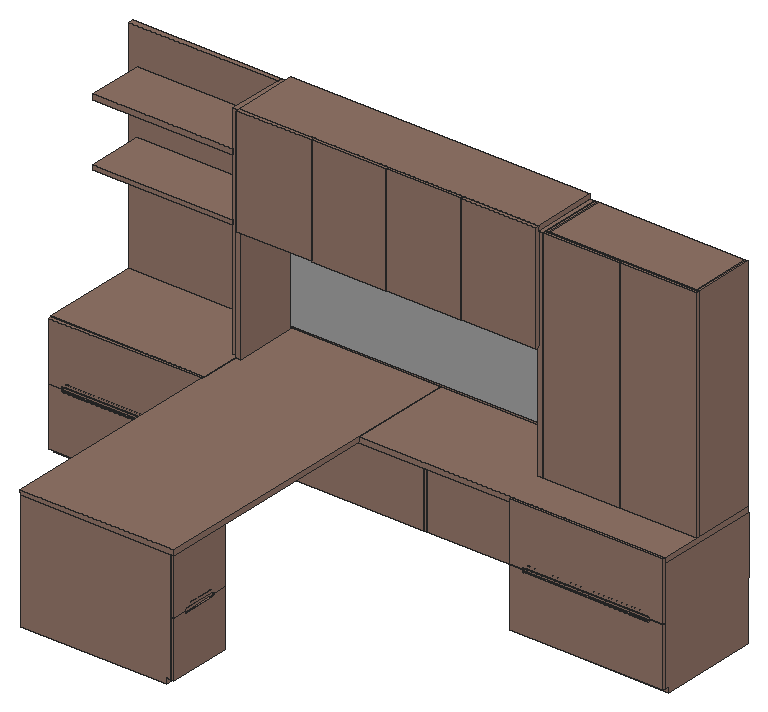
Revit family "OFS TYPICAL T100008", category Furniture, Revit 2022
Family settings
  OmniClass Number = 23.40.20.00
  OmniClass Title = General Furniture and Specialties
  Work Plane-Based = No
  Always vertical = Yes
  Cut with Voids When Loaded = No
  Render Appearance Source = Family Geometry
  Shared = No
  Room Calculation Point = No
Parameters (values of type "T100008")
  URL = "http://ofs.com/"
  Model = "T100008"
  Manufacturer = "OFS"
  Description = "OFS TYPICAL T100008"
  Default Elevation = 0' - 0"
  Copyright © = "©OFS 2024"
  Catalog = ""
  Authoring Version = "Autodesk Revit 2018"
  Assembly Code = "E2020200"
Reference planes (in)
  plane 1 "Center Front/Back": y = 0
  plane 2: z = 0
  plane 3 "Center Left/Right": x = 0
Dimensions and locks (in)
  aligned and locked: level to plane 2
Nested families (in)
  nested 1: "OFS SLATE RETURNS" at (0, 0, 0), type "Lateral File Pedestal Right - 72"W"
    with Top OFS SLATE Dark Wood, Panel OFS SLATE Dark Wood, Glides OFS SLATE Black Plastic, Drawers OFS SLATE Dark Wood, Case OFS SLATE Dark Wood, Base OFS SLATE Dark Wood
  nested 2: "OFS SLATE CREDENZAS" at (-72, 0, 0), type "36"W Lateral File"
    with Top OFS Dark Wood, Panel OFS Dark Wood, Glides OFS Black Plastic, Drawers OFS Dark Wood, Case OFS Dark Wood, Base OFS Dark Wood
  nested 3: "OFS SLATE OPEN SHELF ORGANIZER" at (-36, -0.00165, 0), type "Open Shelf Organizer2 Shelves - Left 1.5 High - 36W x 52H"
    with Shelf OFS SLATE Dark Wood, Panel OFS SLATE Dark Wood, Elevation 2' - 5 1/4"
  nested 4: "OFS SLATE WORKSURFACE STORAGE CABINET" at (36, 3, 0), type "Worksurface Storage Cabinet 51.5H - Double Doors - 36W x 15D"
    with Top OFS SLATE Dark Wood, Panel OFS SLATE Dark Wood, Elevation 2' - 5 1/4", Door OFS SLATE Dark Wood, Case OFS SLATE Dark Wood, Base OFS SLATE Dark Wood, Back OFS SLATE Dark Wood
  nested 5: "OFS SLATE TACKBOARDS" at (-36, 0, 0), type "Tackboard 72W x 25D"
    with Elevation 2' - 6 1/2", Board OFS SLATE White Fabric
  nested 6: "OFS SLATE PENINSULA WORKTABLE WITH PEDESTAL" at (-35.99957, 0, 0) x (0, 1, 0) z (0, 0, 1), type "Peninsula Work Table Pedestal Left - 78"W x 36"D"
    with Panel OFS Dark Wood, Glides OFS Black Plastic, Drawers OFS Dark Wood, Doors OFS Dark Wood, Case OFS Dark Wood
  nested 7: "OFS SLATE OVERLAY HIGHBACK ORGANIZER" at (-36, 0, 0), type "Overlay Highback Organizer 4 Doors 72W x 52H - 1.5 High"
    with Top OFS BRANDS Dark Wood, Show Doors yes, Panel OFS BRANDS Dark Wood, Elevation 2' - 5 1/4", Doors OFS BRANDS Dark Wood, Center Doors no, Base Panel OFS BRANDS Dark Wood, Base OFS BRANDS Dark Wood, Back OFS BRANDS Dark Wood
Definition of nested family "OFS SLATE RETURNS"
  Parameters (values of type "Single Pedestal Right - 72"W")
    Width = 6' - 0"
    URL = "http://www.ofsbrands.com/"
    Type = 1
    Top [instance] = none
    Right = yes
    Panel [instance] = none
    Model = "CA-2472RPR-2"
    Manufacturer = "CAROLINA"
    Left = no
    Glides [instance] = none
    Drawers [instance] = none
    Description = "OFS SLATE Return Single 18\" Pedestal Right, 72W x 24D x 29,25H, Slate Private Office"
    Default Elevation = 0' - 0"
    Copyright © = "© 2019 OFS"
    Catalog = "https://ofs.com/products/tables/conference/slate"
    Case [instance] = none
    Base [instance] = none
    Authoring Version = "Autodesk Revit Architecture 2014"
    Assembly Code = "E2020200"
  Types (26): name | Width | Type | Right | Model | Left | Description
    Lateral File and Pedestal Left - 78"W | 6' - 6" | 3 | no | "CA-2478RPRLP-2" | yes | "OFS SLATE Return 30\" Lateral File and 18\" Pedestal Left, 78W x 24D x 29,25H, Slate Private Office"
    Lateral File and Pedestal Left - 72"W | 6' - 0" | 3 | no | "CA-2472RPRLP-2" | yes | "OFS SLATE Return 30\" Lateral File and 18\" Pedestal Left, 72W x 24D x 29,25H, Slate Private Office"
    Lateral File and Pedestal Right - 78"W | 6' - 6" | 3 | yes | "CA-2478RPRLP-2" | no | "OFS SLATE Return 30\" Lateral File and 18\" Pedestal Right, 78W x 24D x 29,25H, Slate Private Office"
    Lateral File and Pedestal Right - 72"W | 6' - 0" | 3 | yes | "CA-2472RPRLP-2" | no | "OFS SLATE Return 30\" Lateral File and 18\" Pedestal Right, 72W x 24D x 29,25H, Slate Private Office"
    Lateral File Pedestal Left - 78"W | 6' - 6" | 2 | no | "CA-2478LPRL-2" | yes | "OFS SLATE Return Lateral File Pedestal Left, 78W x 24D x 29,25H, Slate Private Office"
    Lateral File Pedestal Left - 72"W | 6' - 0" | 2 | no | "CA-2472LPRL-2" | yes | "OFS SLATE Return Lateral File Pedestal Left, 72W x 24D x 29,25H, Slate Private Office"
    Lateral File Pedestal Left - 66"W | 5' - 6" | 2 | no | "CA-2466LPRL-2" | yes | "OFS SLATE Return Lateral File Pedestal Left, 66W x 24D x 29,25H, Slate Private Office"
    Lateral File Pedestal Left - 60"W | 5' - 0" | 2 | no | "CA-2460LPRL-2" | yes | "OFS SLATE Return Lateral File Pedestal Left, 60W x 24D x 29,25H, Slate Private Office"
    Lateral File Pedestal Left - 54"W | 4' - 6" | 2 | no | "CA-2454LPRL-2" | yes | "OFS SLATE Return Lateral File Pedestal Left, 54W x 24D x 29,25H, Slate Private Office"
    Lateral File Pedestal Right - 78"W | 6' - 6" | 2 | yes | "CA-2478RPRL-2" | no | "OFS SLATE Return Lateral File Pedestal Right, 78W x 24D x 29,25H, Slate Private Office"
    Lateral File Pedestal Right - 72"W | 6' - 0" | 2 | yes | "CA-2472RPRL-2" | no | "OFS SLATE Return Lateral File Pedestal Right, 72W x 24D x 29,25H, Slate Private Office"
    Lateral File Pedestal Right - 66"W | 5' - 6" | 2 | yes | "CA-2466RPRL-2" | no | "OFS SLATE Return Lateral File Pedestal Right, 66W x 24D x 29,25H, Slate Private Office"
    Lateral File Pedestal Right - 60"W | 5' - 0" | 2 | yes | "CA-2460RPRL-2" | no | "OFS SLATE Return Lateral File Pedestal Right, 60W x 24D x 29,25H, Slate Private Office"
    Lateral File Pedestal Right - 54"W | 4' - 6" | 2 | yes | "CA-2454RPRL-2" | no | "OFS SLATE Return Lateral File Pedestal Right, 54W x 24D x 29,25H, Slate Private Office"
    Single Pedestal Left - 72"W | 6' - 0" | 1 | no | "CA-2472LPR-2" | yes | "OFS SLATE Return Single 18\" Pedestal Left, 72W x 24D x 29,25H, Slate Private Office"
    Single Pedestal Left - 66"W | 5' - 6" | 1 | no | "CA-2466LPR-2" | yes | "OFS SLATE Return Single 18\" Pedestal Left, 66W x 24D x 29,25H, Slate Private Office"
    Single Pedestal Left - 60"W | 5' - 0" | 1 | no | "CA-2460LPR-2" | yes | "OFS SLATE Return Single 18\" Pedestal Left, 60W x 24D x 29,25H, Slate Private Office"
    Single Pedestal Left - 54"W | 4' - 6" | 1 | no | "CA-2454LPR-2" | yes | "OFS SLATE Return Single 18\" Pedestal Left, 54W x 24D x 29,25H, Slate Private Office"
    Single Pedestal Left - 48"W | 4' - 0" | 1 | no | "CA-2448LPR-2" | yes | "OFS SLATE Return Single 18\" Pedestal Left, 48W x 24D x 29,25H, Slate Private Office"
    Single Pedestal Left - 42"W | 3' - 6" | 1 | no | "CA-2442LPR-2" | yes | "OFS SLATE Return Single 18\" Pedestal Left, 42W x 24D x 29,25H, Slate Private Office"
    Single Pedestal Right - 72"W | 6' - 0" | 1 | yes | "CA-2472RPR-2" | no | "OFS SLATE Return Single 18\" Pedestal Right, 72W x 24D x 29,25H, Slate Private Office"
    Single Pedestal Right - 66"W | 5' - 6" | 1 | yes | "CA-2466RPR-2" | no | "OFS SLATE Return Single 18\" Pedestal Right, 66W x 24D x 29,25H, Slate Private Office"
    Single Pedestal Right - 60"W | 5' - 0" | 1 | yes | "CA-2460RPR-2" | no | "OFS SLATE Return Single 18\" Pedestal Right, 60W x 24D x 29,25H, Slate Private Office"
    Single Pedestal Right - 54"W | 4' - 6" | 1 | yes | "CA-2454RPR-2" | no | "OFS SLATE Return Single 18\" Pedestal Right, 54W x 24D x 29,25H, Slate Private Office"
    Single Pedestal Right - 48"W | 4' - 0" | 1 | yes | "CA-2448RPR-2" | no | "OFS SLATE Return Single 18\" Pedestal Right, 48W x 24D x 29,25H, Slate Private Office"
    Single Pedestal Right - 42"W | 3' - 6" | 1 | yes | "CA-2442RPR-2" | no | "OFS SLATE Return Single 18\" Pedestal Right, 42W x 24D x 29,25H, Slate Private Office"
  Reference planes (in)
    plane 1 "Center (Front/Back)": y = 0
    plane 2: z = 0
    plane 3 "Center (Left/Right)": x = 0
    plane 4: x = 72
    plane 5: y = -24.83728
    plane 6: x = 36
    plane 7: z = 27.2625
    plane 8: z = 28.0125
    plane 9: z = 29.2
    plane 10: z = 15.48125
    plane 11: z = 15.35625
    plane 12: z = 2.45
    plane 13: z = 1.7
    plane 14: z = 14.45
    plane 15: z = 0.45
    plane 16: y = -11.5625
    plane 17: x = 42
    plane 18: x = -36
    plane 19: x = -72
  Lines and regions (in)
    reference lines, visible <- "Right"
      curve 1: line (42, -24.83728, 29.2) -> (42, 0, 29.2)
    reference lines, visible <- "Left"
      curve 2: line (-72, 0, 29.2) -> (-72, -24.83728, 29.2)
  Dimensions and locks (in)
    "Width": plane 3 "Center (Left/Right)" to plane 4
    equal spacing: plane 3 "Center (Left/Right)", plane 6, plane 4
    "Width": plane 3 "Center (Left/Right)" to plane 19
    equal spacing: plane 3 "Center (Left/Right)", plane 18, plane 19
    aligned and locked: level to plane 2
    aligned and locked: plane 5 to nested 1
    aligned and locked: plane 6 to nested 1
    aligned and locked: nested 4 to plane 18
    aligned and locked: plane 19 to curve 2
    aligned and locked: plane 17 to curve 1
  Automatic sketch dimensions
    plane 1 "Center (Front/Back)" to curve 1 = 0' - 0"
    curve 2 to plane 5 = 0' - 0"
    curve 2 to plane 1 "Center (Front/Back)" = 0' - 0"
    curve 1 to plane 5 = 0' - 0"
  Nested families (in)
    nested 1: "Tag" at (36, -24.83728, 0) x (-1, 0, 0) z (0, 0, 1), visible <- "Right", type "Center", detail levels fine
      with Offset (LR) 0' - 0"
    nested 2: "OFS_Slate Private Office_Return" at (0, 0, 0), visible <- "Right", Top <- "Top", Panel <- "Panel", Glides <- "Glides", Drawers <- "Drawers", Case <- "Case", Base <- "Base", type "OFS_Slate Private Office_Return"
      with Top none, Panel none, Glides none, Drawers none, Case none, Base none, Width 6' - 0", Support yes, Length 5 1' - 2", Length 4 2' - 1.816"
    nested 3: "OFS_Slate Private Office_Return" at (0, 0, 0) x (-1, 0, 0) z (0, 0, 1), visible <- "Left", Top <- "Top", Panel <- "Panel", Glides <- "Glides", Drawers <- "Drawers", Case <- "Case", Base <- "Base", type "OFS_Slate Private Office_Return"
      with Top none, Panel none, Glides none, Drawers none, Case none, Base none, Width 6' - 0", Support yes, Length 5 1' - 2", Length 4 2' - 1.816"
    nested 4: "Tag" at (-36, -24.83728, 0), visible <- "Left", type "Center", detail levels fine
      with Offset (LR) 0' - 0"
  Definition of nested family "OFS_Slate Private Office_Return"
    Parameters
      Width = 3' - 6"
      URL = "http://www.ofsbrands.com/"
      Type = 1
      Top [instance] = none
      Support = (Length 4 > 1' 6")  # no
      Right = no
      Pedestal = or(Type = 1, Type = 3)  # yes
      Panel [instance] = none
      Model = "Type Catalog"
      Manufacturer = "OFS BRANDS"  # constant formula
      Length 5 = if(Length 4 = 1' 6", 0' 0 3/4", 1' 2")  # 0' - 0 3/4"
      Length 4 = if(and(Width = 5' 6", Type = 1), 1' 10.816", if(and(Width = 6' 0", Type = 1), 2' 1.816", 1' 6"))  # 1' - 6"
      Length 3 = if(Type = 1, 1' 6", if(Type = 2, Length 1, Length 1 + 1' 6"))  # 1' - 6"
      Length 2 = 0' - 3.865"  # constant formula
      Length 1 = if(and(Width > 5' 0", Type = 2), 3' 0", if(Type = 1, 1' 6", 2' 6"))  # 1' - 6"
      Left = no
      Glides [instance] = none
      File = or(Type = 2, Type = 3)  # no
      Drawers [instance] = none
      Description = "Type Catalog"
      Default Elevation = 0' - 0"
      Copyright © = "© 2016 OFS BRANDS"  # constant formula
      Catalog = "OFS"  # constant formula
      Case [instance] = none
      Base [instance] = none
      Authoring Version = "Autodesk Revit Architecture 2014"  # constant formula
      Assembly Code = "E2020200"
    Reference planes (in)
      plane 1 "Center (Front/Back)": y = 0
      plane 2: z = 0
      plane 3 "Center (Left/Right)": x = 0
      plane 4: x = 42
      plane 5: y = -24.83728
      plane 6: x = 21
      plane 7: x = 24
      plane 8: x = 23.25
      plane 9: x = 24
      plane 10: x = 0.75
      plane 11: x = 26.25
      plane 12: x = 39.75
      plane 13: x = 41.25
      plane 14: y = -1.37544
      plane 15: y = -3.25
      plane 16: y = -24.08661
      plane 17: y = -23.125
      plane 18: y = -24
      plane 19: y = -22.375
      plane 20: x = 24.75
      plane 21: z = 27.2625
      plane 22: z = 28.0125
      plane 23: z = 29.2
      plane 24: z = 15.48125
      plane 25: z = 15.35625
      plane 26: z = 2.45
      plane 27: z = 1.7
      plane 28: z = 14.45
      plane 29: z = 0.45
      plane 30: y = -11.5625
      plane 31: y = -21.74956
      plane 32: y = -0.75
      plane 33: x = 33
      plane 34: x = 41.875
      plane 35: x = 24
      plane 36: x = 24.75
      plane 37: x = 26.25
      plane 38: x = 41.25
      plane 39: x = 42
      plane 40: x = 39.75
      plane 41: x = 41.875
      plane 42: x = 18
    Forms (in)
      Revolve 1, solid, material <- "Glides"
        sketch origin (0.13, -1.37544, 47.24409) x (-1, 0, 0) y (0, 0, 1)
          loop
            line (-0.245, -46.79409) -> (-0.245, -47.24409) -> (0, -47.24409)
            arc (0, -47.24409) -> (0.1281, -47.13626) -> (0.04368, -46.99165) r 0.13
            line (0.04368, -46.99165) -> (0.005, -46.99165) -> (0.005, -46.79409) -> (-0.245, -46.79409)
          axis (-0.245, -46.79409) -> (-0.245, -47.24409)
        angle from 0 to 360
      Revolve 2, solid, material <- "Glides", visible <- "File"
        sketch origin (49.1459, -1.37544, 47.24409) x (-1, 0, 0) y (0, 0, 1)
          loop
            line (23.755, -46.79409) -> (23.755, -47.24409) -> (24, -47.24409)
            arc (24, -47.24409) -> (24.1281, -47.13626) -> (24.04368, -46.99165) r 0.13
            line (24.04368, -46.99165) -> (24.005, -46.99165) -> (24.005, -46.79409) -> (23.755, -46.79409)
          axis (23.755, -46.79409) -> (23.755, -47.24409)
        angle from 0 to 360
      Revolve 3, solid, material <- "Glides", visible <- "File"
        sketch origin (76.3641, -1.37544, 47.24409) x (-1, 0, 0) y (0, 0, 1)
          loop
            line (35.755, -46.79409) -> (35.755, -47.24409) -> (36, -47.24409)
            arc (36, -47.24409) -> (36.1281, -47.13626) -> (36.04368, -46.99165) r 0.13
            line (36.04368, -46.99165) -> (36.005, -46.99165) -> (36.005, -46.79409) -> (35.755, -46.79409)
          axis (35.755, -46.79409) -> (35.755, -47.24409)
        angle from 0 to 360
      Revolve 4, solid, material <- "Glides", visible <- "File"
        sketch origin (-3.76383, -21.74956, 47.24409) x (-1, 0, 0) y (0, 0, 1)
          loop
            line (-29.15474, -46.79409) -> (-29.15474, -47.24409) -> (-28.90974, -47.24409)
            arc (-28.90974, -47.24409) -> (-28.78164, -47.13626) -> (-28.86606, -46.99165) r 0.13
            line (-28.86606, -46.99165) -> (-28.90474, -46.99165) -> (-28.90474, -46.79409) -> (-29.15474, -46.79409)
          axis (-29.15474, -46.79409) -> (-29.15474, -47.24409)
        angle from 0 to 360
      Revolve 5, solid, material <- "Glides", visible <- "File"
        sketch origin (-3.76383, -21.74956, 47.24409) x (-1, 0, 0) y (0, 0, 1)
          loop
            line (-44.37293, -46.79409) -> (-44.37293, -47.24409) -> (-44.12793, -47.24409)
            arc (-44.12793, -47.24409) -> (-43.99983, -47.13626) -> (-44.08425, -46.99165) r 0.13
            line (-44.08425, -46.99165) -> (-44.12293, -46.99165) -> (-44.12293, -46.79409) -> (-44.37293, -46.79409)
          axis (-44.37293, -46.79409) -> (-44.37293, -47.24409)
        angle from 0 to 360
      Extrusion 6, solid, material <- "Case", visible <- "File"
        sketch origin (-54.33838, -60, 0.45) x (-1, 0, 0) y (0, -1, 0)
          loop
            line (-79.08838, -59.25) -> (-79.08838, -57.75) -> (-80.58838, -57.75) -> (-80.58838, -59.25) -> (-79.08838, -59.25)
          loop
            line (-94.08838, -59.25) -> (-94.08838, -57.75) -> (-95.58838, -57.75) -> (-95.58838, -59.25) -> (-94.08838, -59.25)
          loop
            line (-94.08838, -39.125) -> (-94.08838, -37.625) -> (-95.58838, -37.625) -> (-95.58838, -39.125) -> (-94.08838, -39.125)
          loop
            line (-79.08838, -39.125) -> (-79.08838, -37.625) -> (-80.58838, -37.625) -> (-80.58838, -39.125) -> (-79.08838, -39.125)
        from 0 to 1.25
      Sweep 7, solid, material <- "Case", visible <- "File"
        path origin (-54.33838, -60, 0.45) x (-1, 0, 0) y (0, -1, 0)
          loop
            line (-78.33838, -60) -> (-78.33838, -36.875) -> (-96.33838, -36.875) -> (-96.33838, -60)
        profile origin (33, -23.125, 0.45) x (0, 1, 0) y (0, 0, 1)
          loop
            line (0, 0) -> (0.75, 0) -> (0.75, 1.25) -> (0, 1.25) -> (0, 0)
      Extrusion 8, solid, material <- "Case", visible <- "File"
        sketch origin (-54.33838, -60, 1.7) x (-1, 0, 0) y (0, -1, 0)
          loop
            line (-96.33838, -60) -> (-95.58838, -60) -> (-95.58838, -36) -> (-96.33838, -36) -> (-96.33838, -60)
        from 0 to 26.3125
      Extrusion 9, solid, material <- "Base", visible <- "File"
        sketch origin (-3.76383, -0.75, 47.24409) x (-1, 0, 0) y (0, 0, 1)
          loop
            line (-28.51383, -44.79409) -> (-45.01383, -44.79409) -> (-45.01383, -45.5441) -> (-28.51383, -45.5441) -> (-28.51383, -44.79409)
        from 0 to -23.25
      Extrusion 10, solid, material <- "Case", visible <- "File"
        sketch origin (-54.33838, -60, 1.7) x (-1, 0, 0) y (0, -1, 0)
          loop
            line (-78.33838, -60) -> (-78.33838, -36) -> (-79.08838, -36) -> (-79.08838, -60) -> (-78.33838, -60)
        from 0 to 26.3125
      Extrusion 11, solid, material <- "Top"
        sketch origin (0, 0, 0) x (0, 1, 0) y (0, 0, 1)
          loop
            line (0, 29.2) -> (-24, 29.2) -> (-24, 28.0125) -> (0, 28.0125) -> (0, 29.2)
        from 0 to 42
      Extrusion 12, solid, material <- "Drawers", visible <- "File"
        sketch origin (33, 4.23653, 47.24409) x (0, 1, 0) y (0, 0, 1)
          loop
            line (-28.32314, -18.10659) -> (-29.07381, -18.10659) -> (-29.07381, -31.76284) -> (-28.32314, -31.76284) -> (-28.32314, -18.10659)
          loop
            line (-28.32314, -31.88784) -> (-29.07381, -31.88784) -> (-29.07381, -45.5441) -> (-28.32314, -45.5441) -> (-28.32314, -31.88784)
        from -9 to 8.875
      Sweep 13, void
        path origin (-3.76383, -24.83728, 47.24409) x (-1, 0, 0) y (0, 0, 1)
          loop
            line (-31.32392, -31.01358) -> (-42.07874, -31.01358)
            arc (-42.07874, -31.01358) -> (-42.8905, -31.82534) -> (-42.07874, -32.63711) r 0.81176
            line (-42.07874, -32.63711) -> (-31.32392, -32.63711)
            arc (-31.32392, -32.63711) -> (-30.51216, -31.82534) -> (-31.32392, -31.01358) r 0.81176
        profile origin (32.9375, -24.83728, 16.23051) x (0, 0, -1) y (0, 1, 0)
          loop
            line (0.74926, 0) -> (0.74926, 0.59442) -> (0.24861, 0.59442)
            arc (0.24861, 0.59442) -> (0.00033, 0.39554) -> (0.18537, 0.13679) r 0.23134
            arc (0.18537, 0.13679) -> (0.23076, 0.10978) -> (0.24861, 0.06007) r 0.07815
            line (0.24861, 0.06007) -> (0.24861, 0) -> (0.74926, 0)
      Extrusion 14, solid, material <- "Case", visible <- "File"
        sketch origin (-54.33838, -60, 0.45) x (-1, 0, 0) y (0, -1, 0)
          loop
            line (-79.08838, -60) -> (-79.08838, -59.25) -> (-95.58838, -59.25) -> (-95.58838, -60) -> (-79.08838, -60)
        from 0 to 27.5625
      Extrusion 15, solid, material <- "Panel"
        sketch origin (-3.76383, -3.25, 47.24409) x (-1, 0, 0) y (0, 0, 1)
          loop
            line (-3.88883, -19.9816) -> (-27.63883, -19.9816) -> (-27.63883, -32.6691) -> (-3.88883, -32.6691) -> (-3.88883, -19.9816)
        from 0 to -0.75
      Extrusion 16, solid, material <- "Panel"
        sketch origin (-3.76383, -3.25, 47.24409) x (-1, 0, 0) y (0, 0, 1)
          loop
            line (-3.76383, -32.79409) -> (-27.76383, -32.79409) -> (-27.76383, -46.79409) -> (-3.76383, -46.79409) -> (-3.76383, -32.79409)
        from 0 to -0.75
      Extrusion 17, solid, material <- "Panel"
        sketch origin (-54.33838, -60, 0.45) x (-1, 0, 0) y (0, -1, 0)
          loop
            line (-54.33838, -60) -> (-54.33838, -56.75) -> (-55.08838, -56.75) -> (-55.08838, -60) -> (-54.33838, -60)
          loop
            line (-77.58838, -60) -> (-77.58838, -56.75) -> (-78.33838, -56.75) -> (-78.33838, -60) -> (-77.58838, -60)
        from 0 to 27.5625
      Revolve 18, solid, material <- "Glides", visible <- "Pedestal"
        sketch origin (31.1459, -1.37544, 47.24409) x (-1, 0, 0) y (0, 0, 1)
          loop
            line (5.755, -46.79409) -> (5.755, -47.24409) -> (6, -47.24409)
            arc (6, -47.24409) -> (6.1281, -47.13626) -> (6.04368, -46.99165) r 0.13
            line (6.04368, -46.99165) -> (6.005, -46.99165) -> (6.005, -46.79409) -> (5.755, -46.79409)
          axis (5.755, -46.79409) -> (5.755, -47.24409)
        angle from 0 to 360
      Revolve 19, solid, material <- "Glides", visible <- "Pedestal"
        sketch origin (46.3641, -1.37544, 47.24409) x (-1, 0, 0) y (0, 0, 1)
          loop
            line (5.755, -46.79409) -> (5.755, -47.24409) -> (6, -47.24409)
            arc (6, -47.24409) -> (6.1281, -47.13626) -> (6.04368, -46.99165) r 0.13
            line (6.04368, -46.99165) -> (6.005, -46.99165) -> (6.005, -46.79409) -> (5.755, -46.79409)
          axis (5.755, -46.79409) -> (5.755, -47.24409)
        angle from 0 to 360
      Revolve 20, solid, material <- "Glides", visible <- "Pedestal"
        sketch origin (-3.76383, -21.74956, 47.24409) x (-1, 0, 0) y (0, 0, 1)
          loop
            line (-29.15473, -46.79409) -> (-29.15473, -47.24409) -> (-28.90973, -47.24409)
            arc (-28.90973, -47.24409) -> (-28.78164, -47.13626) -> (-28.86606, -46.99165) r 0.13
            line (-28.86606, -46.99165) -> (-28.90473, -46.99165) -> (-28.90473, -46.79409) -> (-29.15473, -46.79409)
          axis (-29.15473, -46.79409) -> (-29.15473, -47.24409)
        angle from 0 to 360
      Revolve 21, solid, material <- "Glides", visible <- "Pedestal"
        sketch origin (-3.76383, -21.74956, 47.24409) x (-1, 0, 0) y (0, 0, 1)
          loop
            line (-44.37293, -46.79409) -> (-44.37293, -47.24409) -> (-44.12793, -47.24409)
            arc (-44.12793, -47.24409) -> (-43.99984, -47.13626) -> (-44.08426, -46.99165) r 0.13
            line (-44.08426, -46.99165) -> (-44.12293, -46.99165) -> (-44.12293, -46.79409) -> (-44.37293, -46.79409)
          axis (-44.37293, -46.79409) -> (-44.37293, -47.24409)
        angle from 0 to 360
      Extrusion 22, solid, material <- "Case", visible <- "Pedestal"
        sketch origin (-54.33838, -60, 0.45) x (-1, 0, 0) y (0, -1, 0)
          loop
            line (-79.08838, -59.25) -> (-95.58838, -59.25) -> (-95.58838, -60) -> (-79.08838, -60) -> (-79.08838, -59.25)
        from 0 to 27.5625
      Extrusion 23, solid, material <- "Case", visible <- "Pedestal"
        sketch origin (-54.33838, -60, 1.7) x (-1, 0, 0) y (0, -1, 0)
          loop
            line (-78.33838, -60) -> (-78.33838, -36) -> (-79.08838, -36) -> (-79.08838, -60) -> (-78.33838, -60)
          loop
            line (-95.58838, -60) -> (-95.58838, -36) -> (-96.33838, -36) -> (-96.33838, -60) -> (-95.58838, -60)
        from 0 to 26.3125
      Sweep 24, solid, material <- "Case", visible <- "Pedestal"
        path origin (-54.33838, -60, 0.45) x (-1, 0, 0) y (0, -1, 0)
          loop
            line (-78.33838, -60) -> (-78.33838, -36.875) -> (-96.33838, -36.875) -> (-96.33838, -60)
        profile origin (33, -23.125, 0.45) x (0, 1, 0) y (0, 0, 1)
          loop
            line (0, 0) -> (0.75, 0) -> (0.75, 1.25) -> (0, 1.25) -> (0, 0)
      Extrusion 25, solid, material <- "Case", visible <- "Pedestal"
        sketch origin (-54.33838, -60, 0.45) x (-1, 0, 0) y (0, -1, 0)
          loop
            line (-80.58838, -57.75) -> (-80.58838, -59.25) -> (-79.08838, -59.25) -> (-79.08838, -57.75) -> (-80.58838, -57.75)
          loop
            line (-94.08838, -59.25) -> (-94.08838, -57.75) -> (-95.58838, -57.75) -> (-95.58838, -59.25) -> (-94.08838, -59.25)
          loop
            line (-94.08838, -39.125) -> (-94.08838, -37.625) -> (-95.58838, -37.625) -> (-95.58838, -39.125) -> (-94.08838, -39.125)
          loop
            line (-79.08838, -39.125) -> (-79.08838, -37.625) -> (-80.58838, -37.625) -> (-80.58838, -39.125) -> (-79.08838, -39.125)
        from 0 to 1.25
      Extrusion 26, solid, material <- "Base", visible <- "Pedestal"
        sketch origin (-3.76383, -0.75, 47.24409) x (-1, 0, 0) y (0, 0, 1)
          loop
            line (-28.51383, -44.79409) -> (-45.01383, -44.79409) -> (-45.01383, -45.5441) -> (-28.51383, -45.5441) -> (-28.51383, -44.79409)
        from 0 to -23.25
      Extrusion 27, solid, material <- "Drawers", visible <- "Pedestal"
        sketch origin (24, 4.23653, 47.24409) x (0, 1, 0) y (0, 0, 1)
          loop
            line (-28.32314, -18.10659) -> (-29.07381, -18.10659) -> (-29.07381, -31.76284) -> (-28.32314, -31.76284) -> (-28.32314, -18.10659)
          loop
            line (-28.32314, -31.88784) -> (-29.07381, -31.88784) -> (-29.07381, -45.5441) -> (-28.32314, -45.5441) -> (-28.32314, -31.88784)
        from 0 to 17.875
      Sweep 28, void
        path origin (-3.76383, -24.83728, 47.24409) x (-1, 0, 0) y (0, 0, 1)
          loop
            line (-31.14402, -31.01358) -> (-41.89883, -31.01358)
            arc (-41.89883, -31.01358) -> (-42.7106, -31.82534) -> (-41.89883, -32.63711) r 0.81176
            line (-41.89883, -32.63711) -> (-31.14402, -32.63711)
            arc (-31.14402, -32.63711) -> (-30.33225, -31.82534) -> (-31.14402, -31.01358) r 0.81176
        profile origin (32.75759, -24.83728, 16.23051) x (0, 0, -1) y (0, 1, 0)
          loop
            line (0.74926, 0) -> (0.74926, 0.59514) -> (0.23649, 0.59514)
            arc (0.23649, 0.59514) -> (0.0023, 0.38454) -> (0.18695, 0.12939) r 0.23551
            arc (0.18695, 0.12939) -> (0.23127, 0.10212) -> (0.24861, 0.05306) r 0.07808
            line (0.24861, 0.05306) -> (0.24861, 0) -> (0.74926, 0)
      Extrusion 29, solid, material <- "Panel", visible <- "Support"
        sketch origin (-54.33838, -60, 0.45) x (-1, 0, 0) y (0, -1, 0)
          loop
            line (-71.96338, -60) -> (-71.96338, -56.75) -> (-72.71338, -56.75) -> (-72.71338, -60) -> (-71.96338, -60)
        from 0 to 27.5625
      Extrusion 30, void
        sketch origin (-54.33838, -60, 27.2625) x (0, -1, 0) y (-1, 0, 0)
          loop
            line (-56.75, -72.21338) -> (-56.75, -72.46338) -> (-56, -72.46338) -> (-56, -72.21338) -> (-56.75, -72.21338)
        from -1.9375 to 0
    Cuts and joins
      Sweep 13 cuts Extrusion 12
      joined: Sweep 7, Extrusion 8, Extrusion 10
      Sweep 28 cuts Extrusion 27
      joined: Extrusion 23, Sweep 24
      Extrusion 30 cuts Extrusion 15
      Extrusion 30 cuts Extrusion 29
    Lines and regions (in)
      Masking region 1
        outline origin (-54.33838, -60, 29.2) x (-1, 0, 0) y (0, -1, 0)
          loop
            line (-54.33838, -60) -> (-54.33838, -36) -> (-96.33838, -36) -> (-96.33838, -60) -> (-54.33838, -60)
          loop
            line (-78.33838, -35.91339) -> (-78.33838, -35.16272) -> (-96.21338, -35.16272) -> (-96.21338, -35.91339) -> (-78.33838, -35.91339)
    Dimensions and locks (in)
      "Width": plane 3 "Center (Left/Right)" to plane 4
      equal spacing: plane 3 "Center (Left/Right)", plane 6, plane 4
      locked: plane 3 "Center (Left/Right)" to plane 10 at 0.75
      locked: plane 8 to plane 9 at 0.75
      plane 12 to plane 13 to plane 34 to plane 4 = 0' - 1 1/2" locked, 0' - 0 5/8" locked, 0' - 0 1/8" locked
      plane 7 to plane 20 to plane 11 = 0' - 0 3/4" locked, 0' - 1 1/2" locked
      "Length 1": plane 7 to plane 4
      plane 4 to Revolve 3 sketch curve to Revolve 3 sketch curve = 0' - 1.3909" locked, 0' - 0" locked
      Revolve 2 sketch curve to Revolve 2 sketch curve to plane 7 = 0' - 0" locked, 0' - 1.3909" locked
      plane 4 to Revolve 5 sketch curve to Revolve 5 sketch curve = 0' - 1.3909" locked, 0' - 0" locked
      Revolve 4 sketch curve to Revolve 4 sketch curve to plane 7 = 0' - 0" locked, 0' - 1.3909" locked
      equal spacing: plane 7, plane 33, plane 4
      locked: Sweep 13 sketch curve to plane 7 at 3.56009
      locked: plane 4 to Sweep 13 sketch curve at 3.68509
      locked: Extrusion 15 sketch curve to plane 3 "Center (Left/Right)" at 0.125
      locked: plane 9 to Extrusion 15 sketch curve at 0.125
      plane 35 to plane 36 to plane 37 = 0' - 0 3/4" locked, 0' - 1 1/2" locked
      plane 40 to plane 38 to plane 41 to plane 39 = 0' - 1 1/2" locked, 0' - 0 5/8" locked, 0' - 0 1/8" locked
      plane 39 to Revolve 19 sketch curve to Revolve 19 sketch curve = 0' - 1.3909" locked, 0' - 0" locked
      Revolve 18 sketch curve to Revolve 18 sketch curve to plane 35 = 0' - 0" locked, 0' - 1.3909" locked
      plane 39 to Revolve 21 sketch curve to Revolve 21 sketch curve = 0' - 1.3909" locked, 0' - 0" locked
      plane 35 to Revolve 20 sketch curve to Revolve 20 sketch curve = 0' - 1.3909" locked, 0' - 0" locked
      locked: Sweep 28 sketch curve to Sweep 28 sketch curve at 10.75481
      "Length 2": plane 39 to Sweep 28 sketch curve
      locked: plane 35 to plane 39 at 18
      "Length 3": plane 35 to plane 4
      "Length 4": plane 3 "Center (Left/Right)" to plane 42
      Extrusion 29 sketch curve to plane 42 to Extrusion 29 sketch curve = 0' - 0 3/8" locked, 0' - 0 3/8" locked
      Extrusion 30 sketch curve to plane 42 to Extrusion 30 sketch curve = 0' - 0 1/8" locked, 0' - 0 1/8" locked
      "Length 5": plane 22 to cut or joined group of Extrusion 15, Extrusion 30
      aligned and locked: level to plane 2
      aligned and locked: plane 20 to Extrusion 6 sketch curve  (x2)
      aligned and locked: Extrusion 6 sketch curve to plane 11  (x2)
      aligned and locked: Extrusion 6 sketch curve to plane 12  (x2)
      aligned and locked: Extrusion 6 sketch curve to plane 13  (x2)
      aligned and locked: plane 19 to Extrusion 6 sketch curve  (x2)
      aligned and locked: plane 27 to Extrusion 6
      aligned and locked: plane 1 "Center (Front/Back)" to Sweep 7 sketch curve  (x2)
      aligned and locked: Sweep 7 sketch curve to plane 7
      aligned and locked: plane 4 to Sweep 7 sketch curve
      aligned and locked: Extrusion 8 sketch curve to Sweep 7  (x2)
      aligned and locked: plane 18 to Extrusion 8 sketch curve
      aligned and locked: Extrusion 8 sketch curve to plane 13
      aligned and locked: Extrusion 8 to plane 22
      aligned and locked: Extrusion 9 sketch curve to plane 26
      aligned and locked: Extrusion 9 sketch curve to Extrusion 6
      aligned and locked: Extrusion 9 sketch curve to Extrusion 8
      aligned and locked: plane 20 to Extrusion 9 sketch curve
      aligned and locked: plane 18 to Extrusion 9
      aligned and locked: Extrusion 10 sketch curve to Sweep 7  (x2)
      aligned and locked: Extrusion 9 to Extrusion 10 sketch curve
      aligned and locked: Extrusion 10 sketch curve to Extrusion 9
      aligned and locked: Extrusion 10 to plane 22
      aligned and locked: plane 23 to Extrusion 11 sketch curve
      aligned and locked: Extrusion 11 sketch curve to plane 1 "Center (Front/Back)"
      aligned and locked: Extrusion 11 sketch curve to Extrusion 8  (x2)
      aligned and locked: plane 4 to Extrusion 11
      aligned and locked: Extrusion 12 sketch curve to plane 16  (x2)
      aligned and locked: plane 24 to Extrusion 12 sketch curve
      aligned and locked: Extrusion 12 sketch curve to plane 5  (x2)
      aligned and locked: plane 25 to Extrusion 12 sketch curve
      aligned and locked: Extrusion 12 sketch curve to plane 27
      aligned and locked: Extrusion 12 to plane 34
      aligned and locked: Extrusion 12 to plane 7
      aligned and locked: plane 1 "Center (Front/Back)" to Extrusion 14 sketch curve
      aligned and locked: plane 32 to Extrusion 14 sketch curve
      aligned and locked: plane 20 to Extrusion 14 sketch curve
      aligned and locked: Extrusion 14 sketch curve to plane 13
      aligned and locked: Extrusion 14 to plane 22
      aligned and locked: Extrusion 15 sketch curve to plane 21
      aligned and locked: plane 29 to Extrusion 16 sketch curve
      aligned and locked: plane 28 to Extrusion 16 sketch curve
      aligned and locked: Extrusion 16 sketch curve to plane 9
      aligned and locked: plane 3 "Center (Left/Right)" to Extrusion 16 sketch curve
      aligned and locked: Extrusion 17 sketch curve to Extrusion 11  (x3)
      aligned and locked: plane 15 to Extrusion 17 sketch curve
      aligned and locked: plane 10 to Extrusion 17 sketch curve
      aligned and locked: Extrusion 17 sketch curve to plane 8
      aligned and locked: Extrusion 17 sketch curve to Extrusion 16  (x2)
      aligned and locked: Extrusion 17 to plane 22
      aligned and locked: Extrusion 22 sketch curve to plane 32
      aligned and locked: plane 36 to Extrusion 22 sketch curve
      aligned and locked: Extrusion 11 to Extrusion 22 sketch curve
      aligned and locked: Extrusion 22 sketch curve to plane 38
      aligned and locked: Extrusion 22 to plane 22
      aligned and locked: Extrusion 17 to Extrusion 23 sketch curve
      aligned and locked: Extrusion 23 sketch curve to Extrusion 11  (x2)
      aligned and locked: plane 36 to Extrusion 23 sketch curve
      aligned and locked: Extrusion 23 sketch curve to Extrusion 22  (x2)
      aligned and locked: Extrusion 23 sketch curve to plane 39
      aligned and locked: Extrusion 23 to plane 22
      aligned and locked: plane 1 "Center (Front/Back)" to Sweep 24 sketch curve  (x2)
      aligned and locked: Sweep 24 sketch curve to plane 35
      aligned and locked: plane 39 to Sweep 24 sketch curve
      aligned and locked: Extrusion 25 sketch curve to Extrusion 22  (x2)
      aligned and locked: Extrusion 25 sketch curve to plane 32
      aligned and locked: plane 40 to Extrusion 25 sketch curve  (x2)
      aligned and locked: plane 38 to Extrusion 25 sketch curve
      aligned and locked: Extrusion 25 sketch curve to Sweep 24
      aligned and locked: Sweep 24 to Extrusion 25 sketch curve
      aligned and locked: Extrusion 25 sketch curve to plane 36
      aligned and locked: plane 19 to Extrusion 25 sketch curve
      aligned and locked: Extrusion 25 sketch curve to plane 37
      aligned and locked: plane 27 to Extrusion 25
      aligned and locked: plane 26 to Extrusion 26 sketch curve
      aligned and locked: Extrusion 26 sketch curve to plane 36
      aligned and locked: Extrusion 26 sketch curve to Extrusion 25
      aligned and locked: Extrusion 23 to Extrusion 26 sketch curve
      aligned and locked: plane 18 to Extrusion 26
      aligned and locked: Extrusion 27 sketch curve to cut or joined group of Extrusion 12, Sweep 13  (x7)
      aligned and locked: Extrusion 27 to plane 41
      aligned and locked: plane 35 to Extrusion 23 sketch curve
      aligned and locked: plane 9 to plane 35
      aligned and locked: Extrusion 29 sketch curve to Extrusion 11
      aligned and locked: plane 15 to Extrusion 29 sketch curve
      aligned and locked: Extrusion 29 to plane 22
      aligned and locked: plane 15 to Extrusion 30 sketch curve
      aligned and locked: plane 23 to cut or joined group of Extrusion 15, Extrusion 30
      aligned and locked: Masking region 1 sketch curve to Extrusion 11  (x4)
      aligned and locked: Masking region 1 sketch curve to cut or joined group of Extrusion 27, Sweep 28  (x2)
      aligned and locked: Masking region 1 sketch curve to cut or joined group of Extrusion 12, Sweep 13  (x2)
    Automatic sketch dimensions
      Revolve 1 sketch curve to plane 29 = 0' - 0"
      Revolve 1 sketch curve to level = 0' - 0"  (x2)
      plane 3 "Center (Left/Right)" to Revolve 1 sketch curve = 0' - 0 3/8"
      plane 3 "Center (Left/Right)" to Revolve 1 sketch curve = 0' - 0.13"
      Revolve 1 sketch curve to Revolve 1 sketch curve = 0' - 0.005"
      Revolve 1 sketch curve to Revolve 1 sketch curve = 0' - 0.03868"
      level to Revolve 1 sketch curve = 0' - 0.13"
      Revolve 1 sketch curve to Revolve 1 sketch curve = 0' - 0"
      Revolve 1 sketch curve to level = 0' - 0.20372"
      Revolve 2 sketch curve to level = 0' - 0"  (x2)
      Revolve 2 sketch curve to plane 29 = 0' - 0"
      Revolve 2 sketch curve to Revolve 2 sketch curve = 0' - 0.245"
      Revolve 2 sketch curve to Revolve 2 sketch curve = 0' - 0.005"
      Revolve 2 sketch curve to Revolve 2 sketch curve = 0' - 0.03868"
      level to Revolve 2 sketch curve = 0' - 0.13"
      Revolve 2 sketch curve to level = 0' - 0.20372"
      Revolve 3 sketch curve to level = 0' - 0"  (x2)
      Revolve 3 sketch curve to plane 29 = 0' - 0"
      Revolve 3 sketch curve to Revolve 3 sketch curve = 0' - 0.245"
      Revolve 3 sketch curve to Revolve 3 sketch curve = 0' - 0.005"
      Revolve 3 sketch curve to Revolve 3 sketch curve = 0' - 0.03868"
      level to Revolve 3 sketch curve = 0' - 0.13"
      Revolve 3 sketch curve to Revolve 3 sketch curve = 0' - 0.20372"
      Revolve 4 sketch curve to level = 0' - 0"  (x2)
      Revolve 4 sketch curve to plane 29 = 0' - 0"
      Revolve 4 sketch curve to Revolve 4 sketch curve = 0' - 0.245"
      Revolve 4 sketch curve to Revolve 4 sketch curve = 0' - 0.005"
      Revolve 4 sketch curve to Revolve 4 sketch curve = 0' - 0.03868"
      level to Revolve 4 sketch curve = 0' - 0.13"
      Revolve 4 sketch curve to level = 0' - 0.20372"
      Revolve 5 sketch curve to level = 0' - 0"  (x2)
      Revolve 5 sketch curve to plane 29 = 0' - 0"
      Revolve 5 sketch curve to Revolve 5 sketch curve = 0' - 0.245"
      Revolve 5 sketch curve to Revolve 5 sketch curve = 0' - 0.005"
      Revolve 5 sketch curve to Revolve 5 sketch curve = 0' - 0.03868"
      level to Revolve 5 sketch curve = 0' - 0.13"
      Revolve 5 sketch curve to level = 0' - 0.20372"
      Extrusion 6 sketch curve to plane 14 = 0' - 0.87456"  (x2)
      plane 31 to Extrusion 6 sketch curve = 0' - 0.87456"  (x2)
      Sweep 7 sketch curve to plane 17 = 0' - 0"
      Sweep 7 sketch curve to profile plane = 0' - 0"
      Sweep 7 sketch curve to plane 29 = 0' - 0"
      Sweep 7 sketch curve to profile plane = 0' - 0 3/4"
      plane 29 to Sweep 7 sketch curve = 0' - 1 1/4"
      Extrusion 12 sketch curve to plane 23 = 0' - 0 1/16"
      Sweep 13 sketch curve to plane 28 = 0' - 0.15699"
      plane 24 to Sweep 13 sketch curve = 0' - 0 1/16"
      Sweep 13 sketch curve to plane 5 = 0' - 0"
      plane 5 to Sweep 13 sketch curve = 0' - 0.06007"
      Sweep 13 sketch curve to profile plane = 0' - 0.17046"
      Sweep 13 sketch curve to profile plane = 0' - 0.22948"
      Sweep 13 sketch curve to Sweep 13 sketch curve = 0' - 0.01912"
      Sweep 13 sketch curve to Sweep 13 sketch curve = 0' - 0.07815"
      Sweep 13 sketch curve to Sweep 13 sketch curve = 0' - 0.50066"
      Sweep 13 sketch curve to Sweep 13 sketch curve = 0' - 0.3038"
      Sweep 13 sketch curve to Sweep 13 sketch curve = 0' - 0.23054"
      Extrusion 15 sketch curve to plane 28 = 0' - 0 1/8"
      Revolve 18 sketch curve to level = 0' - 0"  (x2)
      Revolve 18 sketch curve to plane 29 = 0' - 0"
      Revolve 18 sketch curve to Revolve 18 sketch curve = 0' - 0.245"
      Revolve 18 sketch curve to Revolve 18 sketch curve = 0' - 0.005"
      Revolve 18 sketch curve to Revolve 18 sketch curve = 0' - 0.03868"
      level to Revolve 18 sketch curve = 0' - 0.13"
      Revolve 18 sketch curve to level = 0' - 0.20372"
      Revolve 19 sketch curve to level = 0' - 0"  (x2)
      Revolve 19 sketch curve to plane 29 = 0' - 0"
      Revolve 19 sketch curve to Revolve 19 sketch curve = 0' - 0.245"
      Revolve 19 sketch curve to Revolve 19 sketch curve = 0' - 0.005"
      Revolve 19 sketch curve to Revolve 19 sketch curve = 0' - 0.03868"
      level to Revolve 19 sketch curve = 0' - 0.13"
      Revolve 19 sketch curve to level = 0' - 0.20372"
      Revolve 20 sketch curve to plane 29 = 0' - 0"
      Revolve 20 sketch curve to level = 0' - 0"  (x2)
      Revolve 20 sketch curve to Revolve 20 sketch curve = 0' - 0.245"
      Revolve 20 sketch curve to Revolve 20 sketch curve = 0' - 0.005"
      Revolve 20 sketch curve to Revolve 20 sketch curve = 0' - 0.03868"
      level to Revolve 20 sketch curve = 0' - 0.13"
      Revolve 20 sketch curve to level = 0' - 0.20372"
      Revolve 21 sketch curve to plane 29 = 0' - 0"
      Revolve 21 sketch curve to level = 0' - 0"  (x2)
      Revolve 21 sketch curve to Revolve 21 sketch curve = 0' - 0.245"
      Revolve 21 sketch curve to Revolve 21 sketch curve = 0' - 0.005"
      Revolve 21 sketch curve to Revolve 21 sketch curve = 0' - 0.03868"
      level to Revolve 21 sketch curve = 0' - 0.13"
      Revolve 21 sketch curve to level = 0' - 0.20372"
      Sweep 24 sketch curve to plane 17 = 0' - 0"
      Sweep 24 sketch curve to profile plane = 0' - 0"
      Sweep 24 sketch curve to plane 29 = 0' - 0"
      Sweep 24 sketch curve to profile plane = 0' - 0 3/4"
      plane 29 to Sweep 24 sketch curve = 0' - 1 1/4"
      Extrusion 25 sketch curve to plane 37 = 0' - 0"
      Extrusion 25 sketch curve to plane 14 = 0' - 0.87456"  (x2)
      plane 31 to Extrusion 25 sketch curve = 0' - 0.87456"  (x2)
      Extrusion 27 sketch curve to plane 23 = 0' - 0 1/16"
      Sweep 28 sketch curve to plane 5 = 0' - 0"
      plane 5 to Sweep 28 sketch curve = 0' - 0.05306"
      Sweep 28 sketch curve to profile plane = 0' - 0.17053"
      Sweep 28 sketch curve to profile plane = 0' - 0.23649"
      Sweep 28 sketch curve to Sweep 28 sketch curve = 0' - 0.07808"
      Sweep 28 sketch curve to Sweep 28 sketch curve = 0' - 0.51277"
      Sweep 28 sketch curve to Sweep 28 sketch curve = 0' - 0.30658"
      Sweep 28 sketch curve to Sweep 28 sketch curve = 0' - 0.23551"
      Extrusion 6 sketch curve to plane 32 = 0' - 0"  (x2)
      Extrusion 30 sketch curve to Extrusion 30 sketch curve = 0' - 0 3/4"
      Sweep 28 sketch curve to plane 28 = 0' - 0.15699"
      plane 24 to Sweep 28 sketch curve = 0' - 0 1/16"
  Definition of nested family "Tag"
    Parameters
      P_Width = 0' - 0"
      Text_Width = "Empty"
      Text_Height = "Empty"
      Text_Diameter = "Empty"
      Text_Depth = "Empty"
      Offset (LR) [instance] = 0' - 0"
      Model Name = "Type Catalog"
      P_Height = 0' - 0"
      Distance of Center (not Change) = 0' - 0.1"
      P_Diameter = 0' - 0"
      P_Depth = 0' - 0"
    Reference planes (in)
      plane 1: y = 0
      plane 2: x = 0
    Lines and regions (in)
      reference lines
        curve 1: line (-0.44359, 0.1, 0) -> (0.41085, 0.1, 0)
        curve 3: line (0, 0.42564, 0) -> (0, -0.30221, 0)
      reference lines, not visible
        curve 2: line (-0.44359, 0.09843, 0) -> (0.41085, 0.09843, 0)
        curve 4: line (0, 0.42407, 0) -> (0, -0.30379, 0)
    Text (in)
      label "Empty" at (0.00197, 0.0921, 0), shows "Model Name"
      label "Empty" at (0.00197, 0.09052, 0), shows "Model Name", not visible
    Dimensions and locks (in)
      "Distance of Center (not Change)": plane 1 to curve 1
      "Offset (LR)": curve 3 to plane 2
    Automatic sketch dimensions
      curve 1 to curve 3 = 0' - 0.44359"
      curve 3 to curve 1 = 0' - 0.41085"
      curve 3 to curve 1 = 0' - 0.40221"
      curve 1 to curve 3 = 0' - 0.32564"
      curve 2 to curve 4 = 0' - 0.44359"
      curve 4 to curve 2 = 0' - 0.41085"
      curve 4 to curve 2 = 0' - 0.40221"
      curve 2 to curve 4 = 0' - 0.32564"
Definition of nested family "OFS SLATE CREDENZAS"
  Parameters (values of type "108"W Overlay Lateral File")
    Width = 9' - 0"
    URL = "http://www.ofs.com/"
    Type = 4
    Top [instance] = none
    Panel [instance] = none
    Model = "CA-A10825CLF6"
    Manufacturer = "CAROLINA"
    Glides [instance] = none
    Drawers [instance] = none
    Description = "OFS SLATE Credenza Overlay Lateral File 6 Drawers, 108W x 25.50D x 20.5H, Slate Private Office"
    Default Elevation = 0' - 0"
    Copyright © = "© 2019 OFS"
    Catalog = "https://ofs.com/products/casegoods/private-office/slate"
    Case [instance] = none
    Base [instance] = none
    Authoring Version = "Autodesk Revit Architecture 2014"
    Assembly Code = "E2020200"
  Types (19): name | Width | Type | Model | Description
    108"W Overlay Lateral File/Doors | 9' - 0" | 5 | "CA-A10825CLFC4" | "OFS SLATE Credenza Overlay Lateral File/Doors 4 Drawers, 108W x 25.50D x 30.5H, Slate Private Office"
    90"W Overlay Lateral File/Doors | 7' - 6" | 5 | "CA-A9025CLFC4" | "OFS SLATE Credenza Overlay Lateral File/Doors 4 Drawers, 90W x 25.50D x 30.5H, Slate Private Office"
    72"W Overlay Lateral File/Doors | 6' - 0" | 5 | "CA-A7225CLFC2" | "OFS SLATE Credenza Overlay Lateral File/Doors 2 Drawers, 72W x 25.50D x 30.5H, Slate Private Office"
    60"W Overlay Lateral File/Doors | 5' - 0" | 5 | "CA-A6025CLFC2" | "OFS SLATE Credenza Overlay Lateral File/Doors 2 Drawers, 60W x 25.50D x 30.5H, Slate Private Office"
    108"W Overlay Lateral File | 9' - 0" | 4 | "CA-A10825CLF6" | "OFS SLATE Credenza Overlay Lateral File 6 Drawers, 108W x 25.50D x 20.5H, Slate Private Office"
    90"W Overlay Lateral File | 7' - 6" | 4 | "CA-A9025CLF6" | "OFS SLATE Credenza Overlay Lateral File 6 Drawers, 90W x 25.50D x 20.5H, Slate Private Office"
    72"W Overlay Lateral File | 6' - 0" | 4 | "CA-A7225CLF4" | "OFS SLATE Credenza Overlay Lateral File 4 Drawers, 72W x 25.50D x 20.5H, Slate Private Office"
    60"W Overlay Lateral File | 5' - 0" | 4 | "CA-A6025CLF4" | "OFS SLATE Credenza Overlay Lateral File 4 Drawers, 60W x 25.50D x 20.5H, Slate Private Office"
    36"W Overlay Lateral File | 3' - 0" | 4 | "CA-A3625CLF2" | "OFS SLATE Credenza Overlay Lateral File 2 Drawers, 36W x 25.50D x 20.5H, Slate Private Office"
    30"W Overlay Lateral File | 2' - 6" | 4 | "CA-A3025CLF2" | "OFS SLATE Credenza Overlay Lateral File 2 Drawers, 30W x 25.50D x 20.5H, Slate Private Office"
    72"W Lateral File/Cabinet | 6' - 0" | 3 | "CA-7224CLFC2-2" | "OFS SLATE Credenza Lateral File/Babinet, 72W x 24.75D x 29,25H, Slate Private Office"
    66"W Lateral File/Cabinet | 5' - 6" | 3 | "CA-6624CLFC2-2" | "OFS SLATE Credenza Lateral File/Babinet, 66W x 24.75D x 29,25H, Slate Private Office"
    72"W Lateral File | 6' - 0" | 2 | "CA-7224CLF4-2" | "OFS SLATE Credenza Lateral File, 72W x 24.75D x 29,25H, Slate Private Office"
    60"W Lateral File | 5' - 0" | 2 | "CA-6024CLF4-2" | "OFS SLATE Credenza Lateral File, 60W x 24.75D x 29,25H, Slate Private Office"
    36"W Lateral File | 3' - 0" | 2 | "CA-3624CLF2-2" | "OFS SLATE Credenza Lateral File, 36W x 24.75D x 29,25H, Slate Private Office"
    30"W Lateral File | 2' - 6" | 2 | "CA-3024CLF2-2" | "OFS SLATE Credenza Lateral File, 30W x 24.75D x 29,25H, Slate Private Office"
    72"W Double Pedestal | 6' - 0" | 1 | "CA-7224CR-2" | "OFS SLATE Credenza Double Pedestal, 72W x 24.75D x 29,25H, Slate Private Office"
    66"W Double Pedestal | 5' - 6" | 1 | "CA-6624CR-2" | "OFS SLATE Credenza Double Pedestal, 66W x 24.75D x 29,25H, Slate Private Office"
    60"W Double Pedestal | 5' - 0" | 1 | "CA-6024CR-2" | "OFS SLATE Credenza Double Pedestal, 60W x 24.75D x 29,25H, Slate Private Office"
  Reference planes (in)
    plane 1 "Center (Front/Back)": y = 0
    plane 2: z = 0
    plane 3 "Center (Left/Right)": x = 0
    plane 4: x = 108
    plane 5: y = -24.83728
    plane 6: x = 54
  Dimensions and locks (in)
    "Width": plane 3 "Center (Left/Right)" to plane 4
    equal spacing: plane 3 "Center (Left/Right)", plane 6, plane 4
    aligned and locked: level to plane 2
    aligned and locked: plane 6 to nested 1
    aligned and locked: plane 5 to nested 1
  Nested families (in)
    nested 1: "Tag" at (54, -24.83728, 0), type "Center", detail levels fine
      with Offset (LR) 0' - 0", Distance of Center (not Change) 0' - 0.12"
    nested 2: "OFS_Slate Private Office_Credenzas_Double Pedestal" at (0, 0, 0), Top <- "Top", Panel <- "Panel", Glides <- "Glides", Drawers <- "Drawers", Case <- "Case", Base <- "Base", Width <- "Width", Type <- "Type", type "OFS_Slate Private Office_Credenzas_Double Pedestal"
      with Width 1 9' - 0", Width 9' - 0", Type 4, Top none, Panel none, Glides none, Drawers none, Double Pedestal no, Case none, Base none
    nested 3: "OFS_Slate Private Office_Credenzas_Lateral File Cabinet" at (0, 0, 0), Top <- "Top", Glides <- "Glides", Drawers <- "Drawers", Case <- "Case", Base <- "Base", Width <- "Width", type "OFS_Slate Private Office_Credenzas_Lateral File Cabinet"
      with Width 1 9' - 0", Width 9' - 0", Top none, Length 2' - 4.755", Glides none, Drawers none, Case none, Base none, Type 4, Lateral File/Cabinet no
    nested 4: "OFS_Slate Private Office_Credenzas_Lateral File" at (0, 0, 0), Top <- "Top", Glides <- "Glides", Drawers <- "Drawers", Case <- "Case", Base <- "Base", Width <- "Width", type "OFS_Slate Private Office_Credenzas_Lateral File"
      with Width 9' - 0", Top none, Length 3 9' - 3", Length 2 2' - 4.692", Length 1 4' - 6", Glides none, Drawers none, Case none, Base none, Type 4, Lateral File no
    nested 5: "OFS_Slate Private Office_Credenzas_Overlay Lateral File Doors" at (0, 0, 0), Top <- "Top", Panel <- "Panel", Glides <- "Glides", Drawers <- "Drawers", Case <- "Case", Base <- "Base", Width <- "Width", type "OFS_Slate Private Office_Credenzas_Overlay Lateral File Doors"
      with Width 1 9' - 0", Width 9' - 0", Top none, Panel none, Length 2 1' - 5 7/8", Length 1 2' - 3.005", Lateral Drawers no, Glides none, Drawers none, Case none, Base none, 4 Drawers no, 2 Drawers no, Type 4, Overlay Lateral File no
    nested 6: "OFS_Slate Private Office_Credenzas_Overlay Lateral File" at (0, 0, 0), Top <- "Top", Panel <- "Panel", Glides <- "Glides", Drawers <- "Drawers", Case <- "Case", Base <- "Base", Width <- "Width", type "OFS_Slate Private Office_Credenzas_Overlay Lateral File"
      with Width 9' - 0", Top none, Panel none, Length 2 1' - 5 7/8", Length 1 2' - 3.005", Glides none, Drawers none, Case none, Base none, 6 Drawers yes, 4 Drawers no, 2 Drawers no
  Definition of nested family "OFS_Slate Private Office_Credenzas_Overlay Lateral File"
    Parameters
      Width [instance] = 2' - 6"
      URL = "http://www.ofsbrands.com/"
      Type = 4
      Top [instance] = none
      Panel [instance] = none
      Model = "Type Catalog"
      Manufacturer = "OFS BRANDS"  # constant formula
      Length 2 [instance] = if(and(Type = 4, Width < 5' 0"), 0' 0.063", 1' 5 7/8")  # 0' - 0.063"
      Length 1 [instance] = if(and(Type = 4, Width = 2' 6"), 1' 7.255", if(and(Type = 4, Width = 3' 0"), 2' 1.255", if(and(Type = 4, Width = 5' 0"), 1' 1.255", if(and(Type = 4, Width = 6' 0"), 2' 1.255", if(and(Type = 4, Width = 7' 6"), 1' 6.005", 2' 3.005")))))  # 1' - 7.255"
      Overlay Lateral File = Type = 4  # yes
      Glides [instance] = none
      Drawers [instance] = none
      Description = "Type Catalog"
      Default Elevation = 0' - 0"
      Copyright © = "© 2016 OFS BRANDS"  # constant formula
      Catalog = "OFS"  # constant formula
      Case [instance] = none
      Base [instance] = none
      Authoring Version = "Autodesk Revit Architecture 2014"  # constant formula
      Assembly Code = "E2020200"
      6 Drawers [instance] = and(Type = 4, Width > 6' 0")  # no
      4 Drawers [instance] = and(Type = 4, Width > 3' 0", Width < 7' 6")  # no
      2 Drawers [instance] = and(Type = 4, Width < 5' 0")  # yes
    Reference planes (in)
      plane 1 "Center (Front/Back)": y = 0
      plane 2: z = 0
      plane 3 "Center (Left/Right)": x = 0
      plane 4: x = 29.25
      plane 5: x = 30
      plane 6: x = 0.75
      plane 7: y = -24
      plane 8: y = -25.58661
      plane 9: y = -23.125
      plane 10: x = 0.125
      plane 11: x = 29.875
      plane 12: z = 0.45
      plane 13: z = 30.3875
      plane 14: y = -1.38677
      plane 15: y = -21.25
      plane 16: y = -11.5625
      plane 17: x = 15
      plane 18: x = 1.8755
      plane 19: x = 28.1245
      plane 20: x = 1.8125
      plane 21: x = 28.1875
      plane 22: x = 28.0625
      plane 23: x = 10.60417
      plane 24: x = 19.39583
    Forms (in)
      Revolve 1, solid, material <- "Glides", visible <- "Overlay Lateral File"
        sketch origin (1.0178, -1.38677, 47.24409) x (-1, 0, 0) y (0, 0, 1)
          loop
            line (0.04905, -46.79409) -> (0.04905, -47.24409) -> (0.29405, -47.24409)
            arc (0.29405, -47.24409) -> (0.42215, -47.13626) -> (0.33773, -46.99165) r 0.13
            line (0.33773, -46.99165) -> (0.29905, -46.99165) -> (0.29905, -46.79409) -> (0.04905, -46.79409)
          axis (0.04905, -46.79409) -> (0.04905, -47.24409)
        angle from 0 to 360
      Revolve 2, solid, material <- "Glides", visible <- "Overlay Lateral File"
        sketch origin (70.9822, -1.38677, 47.24409) x (1, 0, 0) y (0, 0, -1)
          loop
            line (-41.95095, 46.79409) -> (-41.70095, 46.79409) -> (-41.70095, 46.99165) -> (-41.66227, 46.99165)
            arc (-41.66227, 46.99165) -> (-41.57785, 47.13626) -> (-41.70595, 47.24409) r 0.13
            line (-41.70595, 47.24409) -> (-41.95095, 47.24409) -> (-41.95095, 46.79409)
          axis (-41.95095, 46.79409) -> (-41.95095, 47.24409)
        angle from 0 to 360
      Revolve 3, solid, material <- "Glides", visible <- "Overlay Lateral File"
        sketch origin (1.0178, -21.25, 47.24409) x (-1, 0, 0) y (0, 0, 1)
          loop
            line (-28.01344, -46.79409) -> (-28.26344, -46.79409) -> (-28.26344, -46.99165) -> (-28.30212, -46.99165)
            arc (-28.30212, -46.99165) -> (-28.38654, -47.13626) -> (-28.25844, -47.24409) r 0.13
            line (-28.25844, -47.24409) -> (-28.01344, -47.24409) -> (-28.01344, -46.79409)
          axis (-28.01344, -46.79409) -> (-28.01344, -47.24409)
        angle from 0 to 360
      Revolve 4, solid, material <- "Glides", visible <- "Overlay Lateral File"
        sketch origin (1.0178, -21.25, 47.24409) x (-1, 0, 0) y (0, 0, 1)
          loop
            line (0.04905, -46.79409) -> (0.04905, -47.24409) -> (0.29405, -47.24409)
            arc (0.29405, -47.24409) -> (0.42215, -47.13626) -> (0.33773, -46.99165) r 0.13
            line (0.33773, -46.99165) -> (0.29905, -46.99165) -> (0.29905, -46.79409) -> (0.04905, -46.79409)
          axis (0.04905, -46.79409) -> (0.04905, -47.24409)
        angle from 0 to 360
      Sweep 5, solid, material <- "Panel", visible <- "Overlay Lateral File"
        path origin (-60.07556, -60, 0.45) x (-1, 0, 0) y (0, -1, 0)
          loop
            line (-90.07556, -36.875) -> (-60.07556, -36.875)
        profile origin (15, -23.125, 0.45) x (0, -1, 0) y (0, 0, 1)
          loop
            line (-0.75, 0) -> (0, 0) -> (0, 1.25) -> (-0.75, 1.25) -> (-0.75, 0)
      Extrusion 6, solid, material <- "Case", visible <- "Overlay Lateral File"
        sketch origin (0, 0, 0) x (0, 1, 0) y (0, 0, 1)
          loop
            line (0, 29.2) -> (-0.76133, 29.2) -> (-0.76133, 0.45) -> (0, 0.45) -> (0, 29.2)
        from 1.9375 to 28.0625
      Extrusion 7, solid, material <- "Panel", visible <- "Overlay Lateral File"
        sketch origin (0, 0, 0) x (1, 0, 0) y (0, 0, 1)
          loop
            line (0, 29.2) -> (0, 1.7) -> (1.9375, 1.7) -> (1.9375, 29.2) -> (0, 29.2)
          loop
            line (28.0625, 29.2) -> (28.0625, 1.7) -> (30, 1.7) -> (30, 29.2) -> (28.0625, 29.2)
        from 0 to 24.75
      Extrusion 8, solid, material <- "Base", visible <- "Overlay Lateral File"
        sketch origin (-3.76383, -25.58661, 47.24409) x (-1, 0, 0) y (0, 0, 1)
          loop
            line (-5.70133, -44.79409) -> (-31.82633, -44.79409) -> (-31.82633, -45.54409) -> (-5.70133, -45.54409) -> (-5.70133, -44.79409)
        from 0.83661 to 24.83661
      Extrusion 9, solid, material <- "Top", visible <- "Overlay Lateral File"
        sketch origin (1.8125, -27.03977, 47.24409) x (0, -1, 0) y (0, 0, 1)
          loop
            line (-26.28977, -16.85659) -> (-26.28977, -18.0441) -> (-2.28977, -18.0441) -> (-2.28977, -16.85659) -> (-26.28977, -16.85659)
        from 0 to -26.375
      Extrusion 10, solid, material <- "Panel", visible <- "Overlay Lateral File"
        sketch origin (-60.07556, -60, 0.45) x (-1, 0, 0) y (0, -1, 0)
          loop
            line (-62.01306, -38.8125) -> (-62.01306, -60) -> (-60.07556, -60) -> (-60.07556, -36.875) -> (-62.01306, -38.8125)
          loop
            line (-88.13806, -38.8125) -> (-90.07556, -36.875) -> (-90.07556, -60) -> (-88.13806, -60) -> (-88.13806, -38.8125)
        from 0 to 1.25
      Sweep 11, void
        path origin (-3.76383, -25.58661, 47.24409) x (-1, 0, 0) y (0, 0, 1)
          loop
            line (-9.13633, -29.82608) -> (-28.39133, -29.82608)
            arc (-28.39133, -29.82608) -> (-29.2031, -30.63785) -> (-28.39133, -31.44961) r 0.81176
            line (-28.39133, -31.44961) -> (-9.13633, -31.44961)
            arc (-9.13633, -31.44961) -> (-8.32457, -30.63785) -> (-9.13633, -29.82608) r 0.81176
        profile origin (15, -25.58661, 17.41801) x (0, 0, -1) y (0, 1, 0)
          loop
            line (0.74926, 0) -> (0.74926, 0.59375) -> (0.23364, 0.59375)
            arc (0.23364, 0.59375) -> (0.00071, 0.38112) -> (0.19126, 0.12981) r 0.2339
            arc (0.19126, 0.12981) -> (0.23287, 0.10547) -> (0.24927, 0.06015) r 0.07084
            line (0.24927, 0.06015) -> (0.24927, 0) -> (0.74926, 0)
      Extrusion 12, solid, material <- "Drawers", visible <- "2 Drawers"
        sketch origin (15, -60, -12) x (0, 0, -1) y (0, -1, 0)
          loop
            line (-42.325, -35.16339) -> (-28.66875, -35.16339) -> (-28.66875, -34.41339) -> (-42.325, -34.41339) -> (-42.325, -35.16339)
          loop
            line (-13.7, -35.16339) -> (-13.7, -34.41339) -> (-28.54375, -34.41339) -> (-28.54375, -35.16339) -> (-13.7, -35.16339)
        from -13.0625 to 13.0625
      Extrusion 13, solid, material <- "Drawers", visible <- "4 Drawers"
        sketch origin (-3.76383, -25.58661, 47.24409) x (-1, 0, 0) y (0, 0, 1)
          loop
            line (-5.70133, -16.9191) -> (-18.70133, -16.9191) -> (-18.70133, -30.57535) -> (-5.70133, -30.57535) -> (-5.70133, -16.9191)
          loop
            line (-5.70133, -44.79409) -> (-5.70133, -30.70035) -> (-18.70133, -30.70035) -> (-18.70133, -44.79409) -> (-5.70133, -44.79409)
          loop
            line (-18.82633, -16.9191) -> (-31.82633, -16.9191) -> (-31.82633, -30.57535) -> (-18.82633, -30.57535) -> (-18.82633, -16.9191)
          loop
            line (-18.82633, -44.79409) -> (-18.82633, -30.70035) -> (-31.82633, -30.70035) -> (-31.82633, -44.79409) -> (-18.82633, -44.79409)
        from 0 to 0.75
      Extrusion 14, solid, material <- "Drawers", visible <- "6 Drawers"
        sketch origin (-3.76383, -25.58661, 47.24409) x (-1, 0, 0) y (0, 0, 1)
          loop
            line (-5.70133, -16.9191) -> (-14.3055, -16.9191) -> (-14.3055, -30.57535) -> (-5.70133, -30.57535) -> (-5.70133, -16.9191)
          loop
            line (-5.70133, -30.70035) -> (-14.3055, -30.70035) -> (-14.3055, -44.79409) -> (-5.70133, -44.79409) -> (-5.70133, -30.70035)
          loop
            line (-23.09717, -16.9191) -> (-23.09717, -30.57535) -> (-14.4305, -30.57535) -> (-14.4305, -16.9191) -> (-23.09717, -16.9191)
